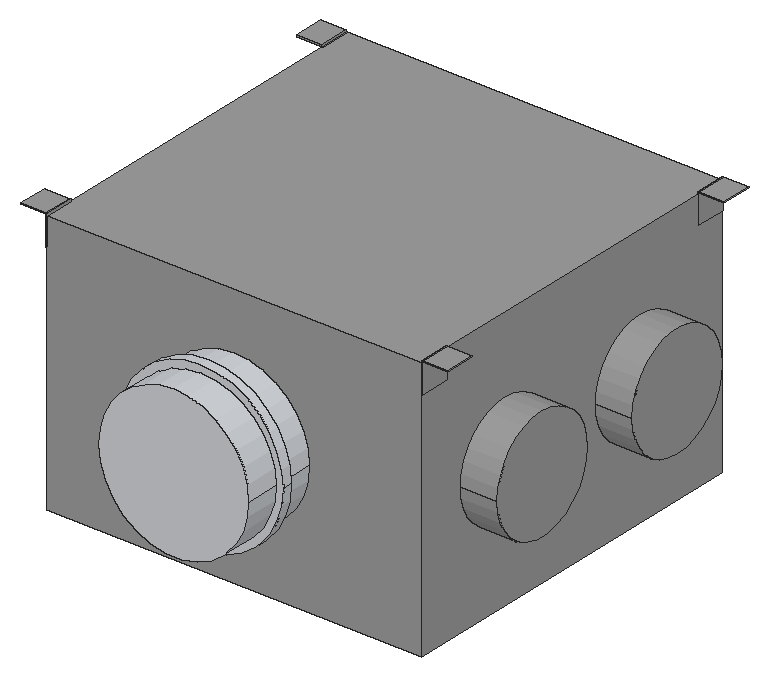
Revit family "FASU(F4-150 200Φ)", category ダクト付属品, Revit 2021
Family settings
  丸型コネクタ寸法 = 直径を使用
  パーツ タイプ = ダンパー
  OmniClass 番号 = 23.75.00.00
  OmniClass タイトル = Climate Control (HVAC)
  作業面ベース = いいえ
  常に垂直 = はい
  ロード時にボイドで切り取り = いいえ
  共有 = いいえ
Parameters
  高さ = 350 mm
  風量 = 0.0 L/s
  符号 = "FASU"
  形式 = "F4-150 200φ"
  幅 [instance] = 500 mm
  奥行き = 500 mm
  大きさ = 200 mm
  呼称 = "FASUチャンバー"
  付属品_下端レベル [instance] = 0 mm
  マテリアル [instance] = 既定値
  ダクト_イン = 200 mm
  ダクト_アウト = 150 mm
  既定の高さ = 0 mm
Reference planes
  plane 1 "中心(正面/背面)": y = 0
  plane 2: z = 0
  plane 3 "中心(左/右)": x = 0
  plane 4: x = -250
  plane 5: x = 250
  plane 6: y = -500
  plane 7: z = 350
  plane 8: z = 175
  plane 9: z = 266.963
  plane 10: z = 86.159
  plane 11: x = -251
  plane 12: z = 313.122
  plane 13: z = 352.122
  plane 14: y = -250
Forms (mm)
  Extrusion 1, solid, material "既定値" <- "マテリアル"
    sketch origin (0, 0, 0) x (1, 0, 0) y (0, 1, 0)
      loop
        line (-250, 0) -> (-250, -500) -> (250, -500) -> (250, 0) -> (-250, 0)
    from 0 to 350
  Extrusion 2, solid, material "既定値" <- "マテリアル"
    sketch origin (0, -30, 0) x (0, 1, 0) y (0, 0, 1)
      loop
        circle (-332.5, 175) r 74.985
    from -300 to -250
  Extrusion 3, solid, material "既定値" <- "マテリアル"
    sketch origin (550, -30, 0) x (0, 1, 0) y (0, 0, 1)
      loop
        circle (-332.5, 175) r 74.985
    from -300 to -250
  Extrusion 4, solid, material "既定値" <- "マテリアル"
    sketch origin (0, -30, 0) x (1, 0, 0) y (0, 1, 0)
      loop
        line (-250, 30) -> (-251, 30) -> (-251, -10) -> (-250, -10) -> (-250, 30)
    from 313.122 to 350
  Extrusion 5, solid, material "既定値" <- "マテリアル"
    sketch origin (0, -30, 0) x (1, 0, 0) y (0, 1, 0)
      loop
        line (-285, 30) -> (-285, -10) -> (-251, -10) -> (-251, 30) -> (-285, 30)
    from 352.122 to 350
  Extrusion 6, solid, material "既定値" <- "マテリアル"
    sketch origin (0, -30, 0) x (-1, 0, 0) y (0, -1, 0)
      loop
        line (-250, -30) -> (-250, 10) -> (-251, 10) -> (-251, -30) -> (-250, -30)
    from 313.122 to 353.122
  Extrusion 7, solid, material "既定値" <- "マテリアル"
    sketch origin (0, -30, 0) x (-1, 0, 0) y (0, -1, 0)
      loop
        line (-285, -30) -> (-251, -30) -> (-251, 10) -> (-285, 10) -> (-285, -30)
    from 352.122 to 353.122
  Extrusion 8, solid, material "既定値" <- "マテリアル"
    sketch origin (0, -490, 0) x (1, 0, 0) y (0, 1, 0)
      loop
        line (-285, 30) -> (-285, -10) -> (-251, -10) -> (-251, 30) -> (-285, 30)
    from 352.122 to 353.122
  Extrusion 9, solid, material "既定値" <- "マテリアル"
    sketch origin (0, -490, 0) x (1, 0, 0) y (0, 1, 0)
      loop
        line (-250, 30) -> (-251, 30) -> (-251, -10) -> (-250, -10) -> (-250, 30)
    from 313.122 to 353.122
  Extrusion 10, solid, material "既定値" <- "マテリアル"
    sketch origin (0, -490, 0) x (-1, 0, 0) y (0, -1, 0)
      loop
        line (-285, -30) -> (-251, -30) -> (-251, 10) -> (-285, 10) -> (-285, -30)
    from 352.122 to 353.122
  Extrusion 11, solid, material "既定値" <- "マテリアル"
    sketch origin (0, -490, 0) x (-1, 0, 0) y (0, -1, 0)
      loop
        line (-250, -30) -> (-250, 10) -> (-251, 10) -> (-251, -30) -> (-250, -30)
    from 313.122 to 353.122
  Extrusion 12, solid, material "既定値" <- "マテリアル"
    sketch origin (550, -470, 0) x (0, -1, 0) y (0, 0, -1)
      loop
        circle (-332.5, -175) r 74.985
    from -300 to -250
  Extrusion 13, solid, material "既定値" <- "マテリアル"
    sketch origin (-550, -470, 0) x (0, -1, 0) y (0, 0, 1)
      loop
        circle (-332.5, 175) r 74.985
    from -300 to -250
  Extrusion 14, solid
    sketch origin (945.05, 0, 42.896) x (1, 0, 0) y (0, 0, 1)
      loop
        circle (-945.05, 132.104) r 100
    from 500 to 542.5
  Extrusion 15, solid
    sketch origin (945.05, -57.5, 42.896) x (1, 0, 0) y (0, 0, 1)
      loop
        circle (-945.05, 132.104) r 100
    from 497.907 to 542.5
  Extrusion 16, solid
    sketch origin (0, 0, 0) x (1, 0, 0) y (0, 0, 1)
      loop
        circle (0, 175) r 110
    from 542.5 to 555.407
Lines and regions (mm)
  model lines
    curve 1: line (-250, -30, 0) -> (250, -30, 0)
    curve 2: line (-250, -470, 0) -> (250, -470, 0)
Text (mm)
  text "FASU(F4-150 200Φ)" at (120.822, -450.782, 0), in view "参照レベル"
Dimensions and locks
  equal spacing: plane 4, plane 3 "中心(左/右)", plane 5
  "幅": plane 4 to plane 5
  "奥行き": plane 6 to plane 1 "中心(正面/背面)"
  "高さ": plane 7 to level
  equal spacing: plane 7, plane 8, level
  equal spacing: plane 6, plane 14, plane 1 "中心(正面/背面)"
  aligned and locked: level to plane 2
  aligned and locked: Extrusion 1 sketch curve to plane 5
  aligned and locked: plane 7 to Extrusion 1
  aligned and locked: plane 4 to Extrusion 2
  aligned and locked: Extrusion 3 to plane 5
  aligned and locked: Extrusion 4 sketch curve to Extrusion 1
  aligned and locked: plane 7 to Extrusion 4
  aligned and locked: Extrusion 5 sketch curve to Extrusion 4
  aligned and locked: Extrusion 4 to Extrusion 5 sketch curve
  aligned and locked: plane 7 to Extrusion 5
  aligned and locked: Extrusion 5 to plane 13
  aligned and locked: Extrusion 6 to Extrusion 7 sketch curve
  aligned and locked: Extrusion 7 sketch curve to Extrusion 6
  aligned and locked: Extrusion 1 to Extrusion 10
  aligned and locked: Extrusion 8 to Extrusion 1
  aligned and locked: Extrusion 9 to Extrusion 1
  aligned and locked: Extrusion 1 to Extrusion 11
  aligned and locked: Extrusion 11 to Extrusion 10
  aligned and locked: Extrusion 9 to Extrusion 8
  aligned and locked: plane 4 to Extrusion 9
  aligned and locked: Extrusion 11 to plane 5
  aligned and locked: plane 4 to curve 1
  aligned and locked: plane 5 to curve 1
  aligned and locked: plane 5 to curve 2
  aligned and locked: plane 4 to curve 2
  aligned and locked: Extrusion 1 to Extrusion 5
  aligned and locked: Extrusion 7 to Extrusion 1
  aligned and locked: Extrusion 6 to plane 5
  aligned and locked: Extrusion 1 to plane 6
  aligned and locked: Extrusion 1 to plane 1 "中心(正面/背面)"
  aligned and locked: Extrusion 12 to plane 5
  aligned and locked: plane 4 to Extrusion 13
  aligned and locked: plane 6 to Extrusion 14
  aligned and locked: Extrusion 14 to Extrusion 16
  aligned and locked: Extrusion 16 to Extrusion 15
Automatic sketch dimensions
  plane 6 to curve 2 = 30 mm
  plane 1 "中心(正面/背面)" to curve 1 = 30 mm
  Extrusion 1 sketch curve to plane 4 = 0 mm
  Extrusion 1 sketch curve to plane 6 = 0 mm
  plane 1 "中心(正面/背面)" to Extrusion 1 sketch curve = 0 mm
  Extrusion 2 sketch curve to plane 8 = 0 mm
  Extrusion 2 sketch curve to plane 14 = 112.5 mm
  Extrusion 3 sketch curve to plane 8 = 0 mm
  Extrusion 3 sketch curve to plane 14 = 112.5 mm
  plane 1 "中心(正面/背面)" to Extrusion 4 sketch curve = 0 mm
  Extrusion 4 sketch curve to plane 11 = 0 mm
  Extrusion 4 sketch curve to Extrusion 4 sketch curve = 40 mm
  plane 1 "中心(正面/背面)" to Extrusion 5 sketch curve = 0 mm
  Extrusion 5 sketch curve to Extrusion 5 sketch curve = 34 mm
  plane 1 "中心(正面/背面)" to Extrusion 6 sketch curve = 0 mm
  Extrusion 6 sketch curve to plane 5 = 0 mm
  Extrusion 6 sketch curve to Extrusion 6 sketch curve = 1 mm
  Extrusion 6 sketch curve to Extrusion 6 sketch curve = 40 mm
  plane 1 "中心(正面/背面)" to Extrusion 7 sketch curve = 0 mm
  Extrusion 7 sketch curve to Extrusion 7 sketch curve = 34 mm
  Extrusion 8 sketch curve to plane 6 = 0 mm
  Extrusion 8 sketch curve to plane 11 = 0 mm
  Extrusion 8 sketch curve to Extrusion 8 sketch curve = 34 mm
  plane 6 to Extrusion 8 sketch curve = 40 mm
  Extrusion 9 sketch curve to plane 11 = 0 mm
  Extrusion 9 sketch curve to plane 4 = 0 mm
  Extrusion 9 sketch curve to plane 6 = 0 mm
  plane 6 to Extrusion 9 sketch curve = 40 mm
  Extrusion 10 sketch curve to plane 6 = 0 mm
  Extrusion 10 sketch curve to plane 5 = 35 mm
  Extrusion 10 sketch curve to plane 5 = 1 mm
  Extrusion 10 sketch curve to plane 6 = 40 mm
  Extrusion 11 sketch curve to plane 6 = 0 mm
  Extrusion 11 sketch curve to plane 5 = 0 mm
  Extrusion 11 sketch curve to Extrusion 11 sketch curve = 1 mm
  Extrusion 11 sketch curve to plane 6 = 40 mm
  Extrusion 12 sketch curve to plane 8 = 0 mm
  plane 14 to Extrusion 12 sketch curve = 112.5 mm
  Extrusion 13 sketch curve to plane 8 = 0 mm
  plane 14 to Extrusion 13 sketch curve = 112.5 mm
  Extrusion 14 sketch curve to plane 3 "中心(左/右)" = 0 mm
  Extrusion 14 sketch curve to plane 8 = 0 mm
  Extrusion 15 sketch curve to plane 3 "中心(左/右)" = 0 mm
  plane 8 to Extrusion 15 sketch curve = 0 mm
  Extrusion 16 sketch curve to plane 3 "中心(左/右)" = 0 mm
  Extrusion 16 sketch curve to plane 8 = 0 mm
  radius of Extrusion 2 sketch curve = 74.985 mm
  radius of Extrusion 3 sketch curve = 74.985 mm
  radius of Extrusion 12 sketch curve = 74.985 mm
  radius of Extrusion 13 sketch curve = 74.985 mm
  radius of Extrusion 14 sketch curve = 100 mm
  radius of Extrusion 15 sketch curve = 100 mm
  radius of Extrusion 16 sketch curve = 110 mm
Connectors
  hvac at (-300, -362.5, 175), driven by "ダクト_アウト"
    settings: on Extrusion 2, index 1, duct flow 0.0 L/s, flow factor 0, pres drop 0.0 Pa, loss coef 0, conn angle 0.00°, conn width 304.8 mm, conn height 304.8 mm, conn diameter 150 mm, duct sys type 29, conn prof type 0, flow config 0, flow direction 2, loss method 0, conn ref index -1, conn util no, is conn primary yes, conn desc ""
  hvac at (-300, -137.5, 175), driven by "ダクト_アウト"
    settings: on Extrusion 13, index 2, duct flow 0.0 L/s, flow factor 0, pres drop 0.0 Pa, loss coef 0, conn angle 0.00°, conn width 304.8 mm, conn height 304.8 mm, conn diameter 150 mm, duct sys type 29, conn prof type 0, flow config 0, flow direction 2, loss method 0, conn ref index -1, conn util no, is conn primary no, conn desc ""
  hvac at (300, -362.5, 175), driven by "ダクト_アウト"
    settings: on Extrusion 3, index 3, duct flow 0.0 L/s, flow factor 0, pres drop 0.0 Pa, loss coef 0, conn angle 0.00°, conn width 304.8 mm, conn height 304.8 mm, conn diameter 150 mm, duct sys type 29, conn prof type 0, flow config 0, flow direction 2, loss method 0, conn ref index -1, conn util no, is conn primary no, conn desc ""
  hvac at (300, -137.5, 175), driven by "ダクト_アウト"
    settings: on Extrusion 12, index 4, duct flow 0.0 L/s, flow factor 0, pres drop 0.0 Pa, loss coef 0, conn angle 0.00°, conn width 304.8 mm, conn height 304.8 mm, conn diameter 150 mm, duct sys type 29, conn prof type 0, flow config 0, flow direction 2, loss method 0, conn ref index -1, conn util no, is conn primary no, conn desc ""
  hvac at (0, -600, 175)
    settings: on Extrusion 15, index 5, duct flow 0.0 L/s, flow factor 0, pres drop 0.0 Pa, loss coef 0, conn angle 0.00°, conn width 304.8 mm, conn height 304.8 mm, conn diameter 200 mm, duct sys type 29, conn prof type 0, flow config 0, flow direction 1, loss method 0, conn ref index -1, conn util no, is conn primary no, conn desc ""
